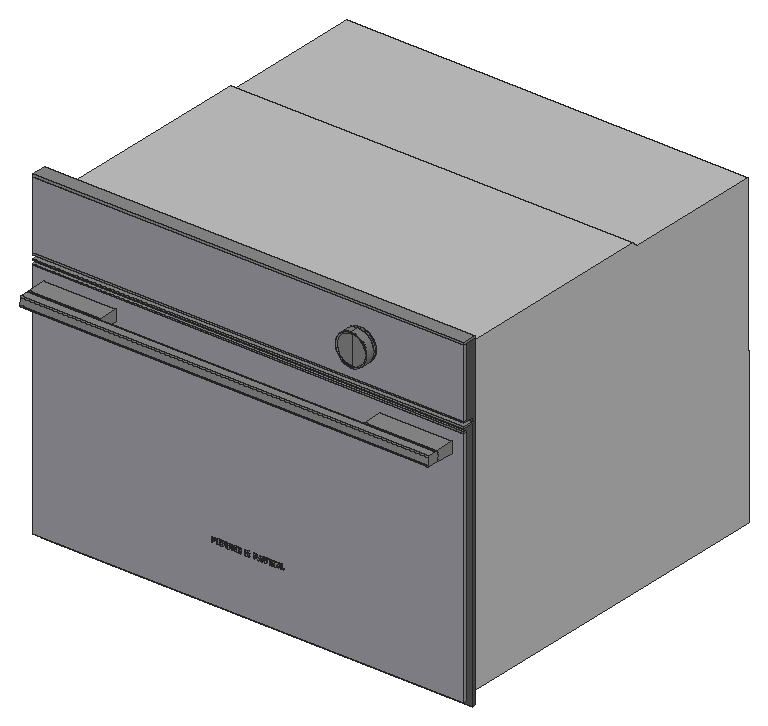
Revit family "FP-Revit19-en-OS60NMLG1-CombinationSteamOven-0-90003174A-AU-NZ-CN-IE-UK", category Specialty Equipment, Revit 2019
Family settings
  Round Connector Dimension = Use Diameter
  Part Type = Normal
  OmniClass Number = 23.40.40.14.17.11
  OmniClass Title = Cookers, Ovens, Stoves
  Work Plane-Based = No
  Always vertical = Yes
  Cut with Voids When Loaded = Yes
  Shared = No
  Room Calculation Point = No
Parameters (values of type "OS60NMLG1")
  Visibility - Clearance Required = yes
  URL = "www.fisherpaykel.com"
  Product - Height = 458 mm  # constant formula
  Product - Width = 596 mm  # constant formula
  Product - Depth (Exc. Handles) = 565 mm  # constant formula
  Opening - Height = 460 mm  # constant formula
  Model = "OS60NMLG1"
  Material - Trim = Fisher & Paykel - Aluminium, Dark
  Material - Structure = Fisher & Paykel - Black
  Material - Handle = Fisher & Paykel - Aluminium, Dark
  Material - Glass = Fisher & Paykel - Glass, Grey
  Material - Dial = Fisher & Paykel - Aluminium, Dark, Matt
  Material - Body = Fisher & Paykel - Grey
  Manufacturer = "Fisher & Paykel Appliances"
  FFL Offset [instance] = 900 mm
  Description = "Combination Steam Oven, 60cm, 18 Function"
  Connector Description - Electrical = "220-240V, 50Hz ,15A"
  Chassis - Width = 556 mm  # constant formula
  Chassis - Height = 435 mm  # constant formula
  Chassis - Depth = 545 mm  # constant formula
  Cavity - Width = 560 mm  # constant formula
  Cavity - Height = 440 mm  # constant formula
  Cavity - Depth = 550 mm  # constant formula
Reference planes
  plane 1 "Datum": y = 0
  plane 2: z = -2
  plane 3 "Center (Left/Right)": x = 0
  plane 4 "Product - LHS": x = -298
  plane 5 "Product - RHS": x = 298
  plane 6 "Cavity - RHS": x = 280
  plane 7 "FFL Offset": z = 898
  plane 8 "Chassis - Depth": y = 545
  plane 9 "Front Face": y = -20
  plane 10 "Chassis - Height": z = 1333
  plane 11 "Cavity - Height": z = 1338
  plane 12 "Opening - Height": z = 1358
  plane 13 "Cavity - LHS": x = -280
  plane 14 "Cavity - Depth": y = 550
  plane 15 "Product - Height": z = 1356
  plane 16 "Opening - RHS": x = 300
  plane 17 "Opening - LHS": x = -300
  plane 18 "Chassis - LHS": x = -278
  plane 19 "Chassis - RHS": x = 278
Forms (mm)
  Extrusion 1, solid, material "Fisher & Paykel - Grey" <- "Material - Body"
    sketch origin (0, 0, 0) x (0, 1, 0) y (0, 0, 1)
      loop
        line (0, 1333) -> (0, 898) -> (528, 898) -> (528, 948) -> (545, 968) -> (545, 1163) -> (498, 1218) -> (498, 1326) -> (305, 1326) -> (298, 1333) -> (0, 1333)
    from -278 to 278
  Extrusion 2, solid, material "Fisher & Paykel - Black" <- "Material - Structure", detail levels fine
    sketch origin (0, 0, 0) x (0, 1, 0) y (0, 0, 1)
      loop
        line (0, 1352.7) -> (-16, 1352.7) -> (-16, 1256) -> (-4, 1256) -> (-4, 898) -> (0, 898) -> (0, 1352.7)
    from -298 to 298
  Extrusion 3, solid, material "Fisher & Paykel - Glass, Grey" <- "Material - Glass", detail levels fine
    sketch origin (0, 0, -3) x (0, 1, 0) y (0, 0, 1)
      loop
        line (-20, 1246.4) -> (-20, 912.8) -> (-16, 912.8) -> (-16, 1246.4) -> (-20, 1246.4)
      loop
        line (-20, 1260.8) -> (-16, 1260.8) -> (-16, 1355.7) -> (-20, 1355.7) -> (-20, 1260.8)
    from -298 to 298
  Extrusion 4, solid, material "Fisher & Paykel - Clearance Required", visible <- "Visibility - Clearance Required", detail levels coarse
    sketch origin (0, 0, -2) x (1, 0, 0) y (0, 1, 0)
      loop
        line (-280, 0) -> (280, 0) -> (280, 550) -> (-280, 550) -> (-280, 0)
    from 900 to 1340
  Extrusion 5, void
    sketch origin (0, 0, 0) x (0, 1, 0) y (0, 0, 1)
      loop
        line (-20, 898) -> (0, 898) -> (0, 1358) -> (-20, 1358) -> (-20, 898)
    from -300 to 300
  Extrusion 6, solid, material "Fisher & Paykel - Grey" <- "Material - Body"
    sketch origin (0, 2, 0) x (0, 1, 0) y (0, 0, 1)
      loop
        line (496, 1293.999) -> (496, 1237) -> (517.999, 1237) -> (517.999, 1293.999) -> (496, 1293.999)
    from -221 to -127
  Extrusion 7, solid, material "Fisher & Paykel - Aluminium, Dark" <- "Material - Trim", detail levels fine
    sketch origin (0, 0, -1.199) x (0, 1, 0) y (0, 0, 1)
      loop
        line (-16, 1257.199) -> (-16, 1258.999) -> (-20, 1258.999) -> (-20, 1257.199) -> (-16, 1257.199)
      loop
        line (-16, 1244.599) -> (-16, 1246.199) -> (-20, 1246.199) -> (-20, 1244.599) -> (-16, 1244.599)
      loop
        line (-4, 1250.799) -> (-4, 1252.399) -> (-20, 1252.399) -> (-20, 1250.799) -> (-4, 1250.799)
      loop
        line (0, 1353.899) -> (0, 1357.199) -> (-20, 1357.199) -> (-20, 1353.899) -> (0, 1353.899)
    from -298 to 298
  Extrusion 8, void
    sketch origin (0, 0, -2) x (1, 0, 0) y (0, 1, 0)
      loop
        line (201.865, 545) -> (229, 498) -> (278, 498) -> (278, 545) -> (201.865, 545)
      loop
        line (-201.865, 545) -> (-278, 545) -> (-278, 498) -> (-229, 498) -> (-201.865, 545)
    from 900 to 1340
  Extrusion 9, solid, material "Fisher & Paykel - Grey" <- "Material - Body"
    sketch origin (0, 6.626, -14.403) x (0, 1, 0) y (0, 0, 1)
      loop
        circle (501.374, 1279.903) r 5
    from -271 to -221
  Extrusion 10, void
    sketch origin (0, 0, -2) x (1, 0, 0) y (0, 1, 0)
      loop
        line (-280, 0) -> (280, 0) -> (280, 550) -> (-280, 550) -> (-280, 0)
    from 900 to 1340
  Extrusion 11, solid, material "Fisher & Paykel - Glass, Grey" <- "Material - Glass", detail levels coarse+medium
    sketch origin (0, 0, 0) x (0, 1, 0) y (0, 0, 1)
      loop
        line (0, 1356) -> (-20, 1356) -> (-20, 1256) -> (-4, 1256) -> (-4, 1251.2) -> (-4, 1242.5) -> (-16, 1242.5) -> (-16, 1245) -> (-20, 1245) -> (-20, 909.8) -> (-4, 909.8) -> (-4, 898) -> (0, 898) -> (0, 1356)
    from -298 to 298
  Extrusion 12, solid, material "Fisher & Paykel - Black", detail levels fine
    sketch origin (0, 0, 0) x (0, 1, 0) y (0, 0, 1)
      loop
        line (-16, 1242.5) -> (-16, 909.8) -> (-4, 909.8) -> (-4, 1242.5) -> (-16, 1242.5)
    from -278 to 278
  Extrusion 13, solid, material "Fisher & Paykel - Clearance Required", visible <- "Visibility - Clearance Required", detail levels coarse
    sketch origin (0, 0, -15) x (0, 1, 0) y (0, 0, 1)
      loop
        line (-20, 927.07) -> (-20, 913) -> (0, 913) -> (0, 1373) -> (-20, 1373) -> (-20, 1260)
        arc (-20, 1260) -> (-242.697, 1184.786) -> (-349.951, 975.626) r 312.455
        line (-349.951, 975.626) -> (-323.58, 971.745) -> (-329.921, 928.657) -> (-313.601, 926.256) -> (-307.26, 969.344) -> (-20, 927.07)
    from -300 to 300
Cuts and joins
  Extrusion 8 cuts Extrusion 1
Text (mm)
  text "Due to ongoing product development, product details are subject to change without notice. \nPlease always refer to www.fisherpaykel.com for the most current product information. \n© Fisher & Paykel 2020" at (41.04, -613.295, 0), in view "Ref. Level (Plan)"
Dimensions and locks
  equal spacing: plane 4 "Product - LHS", plane 3 "Center (Left/Right)", plane 5 "Product - RHS"
  "Product - Width": plane 4 "Product - LHS" to plane 5 "Product - RHS"
  "FFL Offset": plane 7 "FFL Offset" to level
  locked: plane 9 "Front Face" to plane 1 "Datum" at 20
  "Cavity - Height": plane 11 "Cavity - Height" to plane 7 "FFL Offset"
  "Chassis - Height": plane 10 "Chassis - Height" to plane 7 "FFL Offset"
  "Cavity - Depth": plane 1 "Datum" to plane 14 "Cavity - Depth"
  "Cavity - Width": plane 13 "Cavity - LHS" to plane 6 "Cavity - RHS"
  Extrusion 5 to Extrusion 3 = 11.8 mm
  "Chassis - Depth": plane 1 "Datum" to plane 8 "Chassis - Depth"
  equal spacing: plane 13 "Cavity - LHS", plane 3 "Center (Left/Right)", plane 6 "Cavity - RHS"
  "Opening - Height": plane 7 "FFL Offset" to plane 12 "Opening - Height"
  "Product - Height": plane 7 "FFL Offset" to plane 15 "Product - Height"
  equal spacing: cut or joined group of Extrusion 1, Extrusion 8, plane 3 "Center (Left/Right)", cut or joined group of Extrusion 1, Extrusion 8
  "Chassis - Width": cut or joined group of Extrusion 1, Extrusion 8 to cut or joined group of Extrusion 1, Extrusion 8
  locked: nested 2 to plane 15 "Product - Height" at 366.018
  locked: plane 15 "Product - Height" to nested 3 at 135
  locked: nested 1 to plane 15 "Product - Height" at 52
  aligned and locked: level to plane 2
  aligned and locked: plane 4 "Product - LHS" to Extrusion 3
  aligned and locked: Extrusion 3 to plane 5 "Product - RHS"
  aligned and locked: plane 4 "Product - LHS" to Extrusion 2
  aligned and locked: Extrusion 2 to plane 5 "Product - RHS"
  aligned and locked: Extrusion 1 to plane 7 "FFL Offset"
  aligned and locked: Extrusion 7 to plane 5 "Product - RHS"
  aligned and locked: Extrusion 7 to Extrusion 3
  aligned and locked: Extrusion 5 to Extrusion 3
  aligned and locked: Extrusion 3 to Extrusion 7
  aligned and locked: Extrusion 7 to plane 1 "Datum"
  aligned and locked: plane 9 "Front Face" to Extrusion 5
  aligned and locked: Extrusion 4 to plane 6 "Cavity - RHS"
  aligned and locked: Extrusion 9 to Extrusion 6
  aligned and locked: plane 11 "Cavity - Height" to Extrusion 4
  aligned and locked: Extrusion 5 to plane 12 "Opening - Height"
  aligned and locked: Extrusion 5 to Extrusion 2
  aligned and locked: Extrusion 7 to plane 15 "Product - Height"
  aligned and locked: Extrusion 7 to Extrusion 2
  aligned and locked: Extrusion 8 to Extrusion 1
  aligned and locked: Extrusion 4 to Extrusion 2
  aligned and locked: Extrusion 4 to Extrusion 8
  aligned and locked: Extrusion 4 to plane 7 "FFL Offset"
  aligned and locked: Extrusion 1 to Extrusion 8
  aligned and locked: Extrusion 11 sketch curve to plane 15 "Product - Height"
  aligned and locked: plane 11 "Cavity - Height" to Extrusion 10
  aligned and locked: Extrusion 2 to Extrusion 10
  aligned and locked: plane 10 "Chassis - Height" to Extrusion 1
  aligned and locked: Extrusion 3 to Extrusion 12
  aligned and locked: Extrusion 2 to Extrusion 3
Automatic sketch dimensions
  Extrusion 1 sketch curve to plane 1 "Datum" = 0 mm
  Extrusion 1 sketch curve to plane 10 "Chassis - Height" = 0 mm
  Extrusion 1 sketch curve to plane 7 "FFL Offset" = 0 mm
  Extrusion 1 sketch curve to plane 8 "Chassis - Depth" = 0 mm
  Extrusion 1 sketch curve to Extrusion 1 sketch curve = 7 mm
  Extrusion 1 sketch curve to plane 10 "Chassis - Height" = 7 mm
  plane 7 "FFL Offset" to Extrusion 1 sketch curve = 50 mm
  Extrusion 1 sketch curve to Extrusion 1 sketch curve = 20 mm
  Extrusion 1 sketch curve to Extrusion 1 sketch curve = 163 mm
  Extrusion 1 sketch curve to Extrusion 1 sketch curve = 55 mm
  Extrusion 2 sketch curve to plane 7 "FFL Offset" = 0 mm
  Extrusion 2 sketch curve to plane 1 "Datum" = 0 mm
  plane 1 "Datum" to Extrusion 2 sketch curve = 4 mm
  Extrusion 2 sketch curve to plane 9 "Front Face" = 4 mm
  Extrusion 2 sketch curve to plane 10 "Chassis - Height" = 77 mm
  plane 15 "Product - Height" to Extrusion 2 sketch curve = 3.3 mm
  Extrusion 3 sketch curve to plane 9 "Front Face" = 0 mm  (x2)
  Extrusion 3 sketch curve to Extrusion 3 sketch curve = 4 mm  (x2)
  plane 7 "FFL Offset" to Extrusion 3 sketch curve = 11.8 mm
  Extrusion 3 sketch curve to plane 10 "Chassis - Height" = 89.6 mm
  Extrusion 3 sketch curve to Extrusion 3 sketch curve = 14.4 mm
  plane 15 "Product - Height" to Extrusion 3 sketch curve = 3.3 mm
  Extrusion 4 sketch curve to plane 13 "Cavity - LHS" = 0 mm
  Extrusion 4 sketch curve to plane 6 "Cavity - RHS" = 0 mm
  plane 1 "Datum" to Extrusion 4 sketch curve = 0 mm
  Extrusion 4 sketch curve to plane 14 "Cavity - Depth" = 0 mm
  Extrusion 5 sketch curve to plane 9 "Front Face" = 0 mm
  Extrusion 5 sketch curve to plane 1 "Datum" = 0 mm
  Extrusion 5 sketch curve to plane 7 "FFL Offset" = 0 mm
  plane 12 "Opening - Height" to Extrusion 5 sketch curve = 0 mm
  Extrusion 6 sketch curve to Extrusion 6 sketch curve = 21.999 mm
  Extrusion 6 sketch curve to plane 10 "Chassis - Height" = 96 mm
  Extrusion 6 sketch curve to plane 10 "Chassis - Height" = 39.001 mm
  Extrusion 7 sketch curve to plane 9 "Front Face" = 0 mm  (x4)
  Extrusion 7 sketch curve to plane 1 "Datum" = 0 mm
  plane 15 "Product - Height" to Extrusion 7 sketch curve = 0 mm
  Extrusion 7 sketch curve to Extrusion 7 sketch curve = 4 mm  (x2)
  plane 1 "Datum" to Extrusion 7 sketch curve = 4 mm
  plane 15 "Product - Height" to Extrusion 7 sketch curve = 3.3 mm
  Extrusion 7 sketch curve to plane 10 "Chassis - Height" = 75.2 mm
  Extrusion 7 sketch curve to Extrusion 7 sketch curve = 1.8 mm
  Extrusion 7 sketch curve to Extrusion 7 sketch curve = 4.8 mm
  Extrusion 7 sketch curve to Extrusion 7 sketch curve = 1.6 mm  (x2)
  Extrusion 7 sketch curve to Extrusion 7 sketch curve = 4.6 mm
  Extrusion 8 sketch curve to plane 8 "Chassis - Depth" = 0 mm  (x2)
  Extrusion 8 sketch curve to plane 18 "Chassis - LHS" = 0 mm
  Extrusion 8 sketch curve to plane 19 "Chassis - RHS" = 0 mm
  Extrusion 8 sketch curve to Extrusion 8 sketch curve = 49 mm  (x2)
  Extrusion 8 sketch curve to Extrusion 8 sketch curve = 27.135 mm
  Extrusion 8 sketch curve to Extrusion 8 sketch curve = 76.135 mm
  Extrusion 9 sketch curve to plane 10 "Chassis - Height" = 67.5 mm
  Extrusion 10 sketch curve to plane 13 "Cavity - LHS" = 0 mm
  Extrusion 10 sketch curve to plane 6 "Cavity - RHS" = 0 mm
  plane 1 "Datum" to Extrusion 10 sketch curve = 0 mm
  Extrusion 10 sketch curve to plane 14 "Cavity - Depth" = 0 mm
  Extrusion 13 sketch curve to plane 9 "Front Face" = 0 mm  (x2)
  Extrusion 13 sketch curve to plane 1 "Datum" = 0 mm
  Extrusion 13 sketch curve to plane 7 "FFL Offset" = 0 mm
  plane 12 "Opening - Height" to Extrusion 13 sketch curve = 0 mm
  plane 9 "Front Face" to Extrusion 13 sketch curve = 18.71 mm
  plane 7 "FFL Offset" to Extrusion 13 sketch curve = 56.344 mm
  Extrusion 13 sketch curve to Extrusion 13 sketch curve = 268.55 mm
  plane 7 "FFL Offset" to Extrusion 13 sketch curve = 13.256 mm
  Extrusion 13 sketch curve to Extrusion 13 sketch curve = 6.341 mm
  plane 7 "FFL Offset" to Extrusion 13 sketch curve = 58.745 mm
  Extrusion 13 sketch curve to Extrusion 13 sketch curve = 16.32 mm
  plane 7 "FFL Offset" to Extrusion 13 sketch curve = 62.626 mm
  Extrusion 13 sketch curve to Extrusion 13 sketch curve = 21.035 mm
  Extrusion 11 sketch curve to plane 9 "Front Face" = 0 mm  (x2)
  Extrusion 11 sketch curve to plane 7 "FFL Offset" = 0 mm
  Extrusion 11 sketch curve to plane 1 "Datum" = 0 mm
  Extrusion 11 sketch curve to Extrusion 11 sketch curve = 4 mm
  plane 1 "Datum" to Extrusion 11 sketch curve = 4 mm  (x2)
  plane 7 "FFL Offset" to Extrusion 11 sketch curve = 11.8 mm
  Extrusion 11 sketch curve to plane 10 "Chassis - Height" = 90.5 mm
  Extrusion 11 sketch curve to Extrusion 11 sketch curve = 2.5 mm
  Extrusion 11 sketch curve to Extrusion 11 sketch curve = 8.7 mm
  Extrusion 11 sketch curve to Extrusion 11 sketch curve = 11 mm
  Extrusion 12 sketch curve to plane 9 "Front Face" = 4 mm
  plane 1 "Datum" to Extrusion 12 sketch curve = 4 mm
  plane 7 "FFL Offset" to Extrusion 12 sketch curve = 11.8 mm
  Extrusion 12 sketch curve to plane 10 "Chassis - Height" = 90.5 mm
  Extrusion 1 sketch curve to plane 8 "Chassis - Depth" = 247 mm
  Extrusion 1 sketch curve to plane 8 "Chassis - Depth" = 47 mm
  Extrusion 1 sketch curve to plane 8 "Chassis - Depth" = 17 mm
  Extrusion 6 sketch curve to plane 8 "Chassis - Depth" = 47 mm
  Extrusion 8 sketch curve to plane 8 "Chassis - Depth" = 47 mm  (x2)
  Extrusion 9 sketch curve to plane 8 "Chassis - Depth" = 37 mm
  radius of Extrusion 9 sketch curve = 5 mm
Nested families
  nested 1: "F&P Dial Minimal Oven" at (155.3, -20, 1304), type "F&P Dial Minimal Oven"
  nested 2: "F&P Logo 100mm" at (0.044, -20, 987.177), type "Grey"
  nested 3: "F&P Handle Contemporary Square Fine OB60-24" at (0, -20, 1221.022), type "Aluminium Black"
Connectors
  electrical at (-271, 508, 1265.5), driven by "Connector Description - Electrical"
    settings: on Extrusion 9, index 1, voltage 230 V, apparent load 0 VA, apparent load phase1 0 VA, apparent load phase2 0 VA, apparent load phase3 0 VA, power factor 1, load classification "Other", number of poles 1, system type 30, power factor state 1, is connector primary yes, connector utility no, sub classification motor no, connector description "220-240V, 50Hz ,15A"
Definition of nested family "F&P Dial Minimal Oven"
  Parameters (values of type "F&P Dial Minimal Oven")
    URL = "www.fisherpaykel.com"
    Material - Buttons and Dials = none
    Manufacturer = "Fisher & Paykel Appliances"
  Reference planes
    plane 1 "Center (Front/Back)": y = 0
    plane 2: z = 0
    plane 3 "Center (Left/Right)": x = 0
    plane 4: x = 0
    plane 5 "Dial": z = 0
  Forms (mm)
    Revolve 1, solid, material <- "Material - Buttons and Dials", detail levels fine
      sketch origin (0, 0, 0) x (0, 1, 0) y (0, 0, 1)
        loop
          line (-15.2, 0) -> (0, 0) -> (0, 22) -> (-0.8, 22) -> (-0.8, 18.5) -> (-4.2, 18.5) -> (-4.2, 20.136) -> (-4.7, 22) -> (-15.8, 22) -> (-15.8, 21.2) -> (-15.301, 20) -> (-15.301, 0)
        axis (-15.8, 0) -> (0, 0)
      angle from 0 to 360
    Revolve 2, solid, material <- "Material - Buttons and Dials", detail levels coarse+medium
      sketch origin (0, 0, 0) x (0, 1, 0) y (0, 0, 1)
        loop
          line (0, 18.5) -> (-4.2, 18.5) -> (-4.2, 22) -> (-15.8, 22) -> (-15.8, 0) -> (0, 0) -> (0, 18.5)
        axis (-15.8, 0) -> (0, 0)
      angle from 0 to 360
  Dimensions and locks
    aligned and locked: level to plane 2
Definition of nested family "F&P Logo 100mm"
  Parameters (values of type "Grey")
    URL = "www.fisherpaykel.com"
    Material - Logo = none
    Manufacturer = "Fisher & Paykel Appliances"
  Reference planes
    plane 1 "Center (Front/Back)": y = 0
    plane 2: z = 0
    plane 3 "Center (Left/Right)": x = 0
    plane 4 "Logo": z = 2.805
  Forms (mm)
    Extrusion 1, solid, material <- "Material - Logo", detail levels fine
      sketch origin (0, 0, 0) x (1, 0, 0) y (0, 0, 1)
        loop
          line (-50.044, 0) -> (-48.47, 0) -> (-48.47, 2.138) -> (-46.011, 2.138) -> (-46.011, 3.472) -> (-48.47, 3.472) -> (-48.47, 4.712) -> (-45.795, 4.712) -> (-45.795, 6.04) -> (-50.044, 6.04) -> (-50.044, 0)
        loop
          line (-42.804, 6.04) -> (-42.804, 0) -> (-41.23, 0) -> (-41.23, 6.04) -> (-42.804, 6.04)
        loop
          line (-30.724, 6.04) -> (-30.724, 0) -> (-29.151, 0) -> (-29.151, 2.42) -> (-26.839, 2.42) -> (-26.839, 0) -> (-25.265, 0) -> (-25.265, 6.04) -> (-26.839, 6.04) -> (-26.839, 3.748) -> (-29.151, 3.748) -> (-29.151, 6.04) -> (-30.724, 6.04)
        loop
          line (-21.906, 6.04) -> (-21.906, 0) -> (-17.602, 0) -> (-17.602, 1.328) -> (-20.347, 1.328) -> (-20.347, 2.42) -> (-17.838, 2.42) -> (-17.838, 3.748) -> (-20.347, 3.748) -> (-20.347, 4.712) -> (-17.602, 4.712) -> (-17.602, 6.04) -> (-21.906, 6.04)
        loop
          line (45.667, 6.04) -> (45.667, 0) -> (49.956, 0) -> (49.956, 1.328) -> (47.241, 1.328) -> (47.241, 6.04) -> (45.667, 6.04)
        loop
          line (42.431, 6.04) -> (38.112, 6.04) -> (38.112, 0) -> (42.431, 0) -> (42.431, 1.328) -> (39.687, 1.328) -> (39.687, 2.42) -> (42.195, 2.42) -> (42.195, 3.748) -> (39.687, 3.748) -> (39.687, 4.712) -> (42.431, 4.712) -> (42.431, 6.04)
        loop
          line (33.443, 3.137) -> (35.683, 6.04) -> (33.844, 6.04) -> (31.915, 3.542) -> (31.915, 6.04) -> (30.342, 6.04) -> (30.342, 0) -> (31.915, 0) -> (31.915, 2.705) -> (33.903, 0) -> (35.747, 0) -> (33.443, 3.137)
        loop
          line (21.98, 6.04) -> (24.262, 2.42) -> (24.262, 0) -> (25.837, 0) -> (25.837, 2.341) -> (28.119, 6.04) -> (26.446, 6.04) -> (25.099, 3.707) -> (23.753, 6.04) -> (21.98, 6.04)
        loop
          line (18.479, 6.04) -> (16.983, 6.04) -> (14.524, 0) -> (16.069, 0) -> (16.501, 1.112) -> (18.786, 1.112) -> (19.219, 0) -> (20.938, 0) -> (18.479, 6.04)
        loop
          line (18.4, 2.439) -> (17.693, 4.174) -> (17.018, 2.439) -> (18.4, 2.439)
        loop
          line (8.031, 6.04) -> (8.031, 0) -> (9.605, 0) -> (9.605, 1.938) -> (10.599, 1.938)
          arc (10.599, 1.938) -> (12.65, 3.989) -> (10.599, 6.04) r 2.051
          line (10.599, 6.04) -> (8.031, 6.04)
        loop
          line (9.605, 4.712) -> (9.605, 3.197) -> (10.501, 3.197)
          arc (10.501, 3.197) -> (11.259, 3.954) -> (10.501, 4.712) r 0.757
          line (10.501, 4.712) -> (9.605, 4.712)
        loop
          line (-11.783, 6.04) -> (-14.366, 6.04) -> (-14.366, 0) -> (-12.792, 0) -> (-12.792, 1.336) -> (-11.992, 1.336) -> (-10.972, 0) -> (-9.153, 0) -> (-10.694, 1.973)
          arc (-10.694, 1.973) -> (-9.678, 4.424) -> (-11.783, 6.04) r 2.179
        loop
          line (-11.897, 4.712) -> (-12.792, 4.712) -> (-12.792, 3.053) -> (-11.897, 3.053)
          arc (-11.897, 3.053) -> (-11.068, 3.882) -> (-11.897, 4.712) r 0.83
        loop
          line (0.477, 4.712) -> (0.477, 6.153) -> (-3.575, 6.153) -> (-3.575, 4.851) -> (-2.974, 4.112)
          arc (-2.974, 4.112) -> (-3.51, 0.684) -> (-0.045, 0.512) r 2.334
          line (-0.045, 0.512) -> (0.46, -0.109) -> (2.246, -0.109) -> (0.86, 1.594) -> (2.061, 3.324) -> (0.443, 3.324) -> (-0.013, 2.667) -> (-1.677, 4.712) -> (0.477, 4.712)
        loop
          arc (-2.125, 3.068) -> (-2.269, 1.668) -> (-0.868, 1.524) r 0.996
          line (-0.868, 1.524) -> (-2.125, 3.068)
        loop
          line (-35.18, 3.634) -> (-36.516, 3.91)
          arc (-36.516, 3.91) -> (-37.049, 4.443) -> (-36.516, 4.976) r 0.533
          arc (-36.516, 4.976) -> (-35.235, 4.79) -> (-34.059, 4.248) r 4.505
          line (-34.059, 4.248) -> (-34.059, 5.743)
          arc (-34.059, 5.743) -> (-35.549, 6.179) -> (-37.1, 6.109) r 4.726
          arc (-37.1, 6.109) -> (-38.536, 4.335) -> (-37.1, 2.561) r 1.814
          line (-37.1, 2.561) -> (-35.754, 2.282)
          arc (-35.754, 2.282) -> (-35.221, 1.749) -> (-35.754, 1.216) r 0.533
          arc (-35.754, 1.216) -> (-37.035, 1.402) -> (-38.211, 1.945) r 4.505
          line (-38.211, 1.945) -> (-38.211, 0.449)
          arc (-38.211, 0.449) -> (-36.72, 0.013) -> (-35.169, 0.083) r 4.726
          arc (-35.169, 0.083) -> (-33.734, 1.863) -> (-35.18, 3.634) r 1.814
      from 0 to 0.8
  Dimensions and locks
    aligned and locked: level to plane 2
Definition of nested family "F&P Handle Contemporary Square Fine OB60-24"
  Parameters (values of type "Aluminium Black")
    URL = "www.fisherpaykel.com"
    Material - Handle = none
    Manufacturer = "Fisher & Paykel Appliances"
    Handle - Length = 565 mm
  Reference planes
    plane 1 "Center (Front/Back)": y = 0
    plane 2: z = 0
    plane 3 "Center (Left/Right)": x = 0
    plane 4 "Product LHS": x = -282.5
    plane 5 "Product RHS": x = 282.5
    plane 6 "LHS Standoff": x = -182.495
    plane 7 "RHS Standoff": x = 182.505
    plane 8 "Handle centre": z = -0.022
    plane 9: z = -0.022
  Forms (mm)
    Extrusion 1, solid, material <- "Material - Handle", detail levels fine
      sketch origin (0, 0, 0) x (0, 1, 0) y (0, 0, 1)
        loop
          arc (-26.813, 6.16) -> (-27.196, 6.554) -> (-27.728, 6.686) r 1
          line (-27.728, 6.686) -> (-40.035, 6.256)
          arc (-40.035, 6.256) -> (-40.719, 5.951) -> (-41, 5.257) r 1
          line (-41, 5.257) -> (-41, -5.257)
          arc (-41, -5.257) -> (-40.719, -5.951) -> (-40.035, -6.256) r 1
          line (-40.035, -6.256) -> (-27.709, -6.686)
          arc (-27.709, -6.686) -> (-27.175, -6.554) -> (-26.792, -6.158) r 1
          arc (-26.792, -6.158) -> (-25.256, 0.004) -> (-26.813, 6.16) r 13.038
      from -282.5 to 282.5
    Extrusion 2, solid, material <- "Material - Handle", detail levels fine
      sketch origin (0, 0, 0) x (0, 1, 0) y (0, 0, 1)
        loop
          arc (-26.626, -6.008) -> (-26.614, -6.49) -> (-26.2, -6.737) r 0.5
          line (-26.2, -6.737) -> (0, -7.696) -> (0, 7.704) -> (-26.174, 6.747)
          arc (-26.174, 6.747) -> (-26.587, 6.5) -> (-26.6, 6.019) r 0.5
          arc (-26.6, 6.019) -> (-25.156, 0.002) -> (-26.626, -6.008) r 13.136
      from 182.505 to 282.5
    Extrusion 3, solid, material <- "Material - Handle", detail levels coarse+medium
      sketch origin (0, 0, 0) x (1, 0, 0) y (0, 1, 0)
        loop
          line (-282.5, -42) -> (282.5, -42) -> (282.5, 0) -> (182.505, 0) -> (182.505, -26.156) -> (-182.495, -26.156) -> (-182.495, 0) -> (-282.5, 0) -> (-282.5, -42)
      from -8.022 to 7.978
    Extrusion 4, solid, material <- "Material - Handle", detail levels fine
      sketch origin (0, 0, 0) x (0, 1, 0) y (0, 0, 1)
        loop
          arc (-26.626, -6.008) -> (-26.614, -6.49) -> (-26.2, -6.737) r 0.5
          line (-26.2, -6.737) -> (0, -7.696) -> (0, 7.704) -> (-26.174, 6.747)
          arc (-26.174, 6.747) -> (-26.587, 6.5) -> (-26.6, 6.019) r 0.5
          arc (-26.6, 6.019) -> (-25.156, 0.002) -> (-26.626, -6.008) r 13.136
      from -282.5 to -182.495
  Dimensions and locks
    equal spacing: plane 4 "Product LHS", plane 3 "Center (Left/Right)", plane 5 "Product RHS"
    "Handle - Length": plane 4 "Product LHS" to plane 5 "Product RHS"
    locked: plane 4 "Product LHS" to plane 6 "LHS Standoff" at 100.005
    locked: plane 7 "RHS Standoff" to plane 5 "Product RHS" at 99.995
    aligned and locked: level to plane 2
    aligned and locked: Extrusion 1 to plane 5 "Product RHS"
    aligned and locked: plane 4 "Product LHS" to Extrusion 1
    aligned and locked: Extrusion 2 to plane 5 "Product RHS"
    aligned and locked: plane 4 "Product LHS" to Extrusion 3 sketch curve
    aligned and locked: Extrusion 3 sketch curve to plane 5 "Product RHS"
    aligned and locked: Extrusion 3 sketch curve to plane 7 "RHS Standoff"
    aligned and locked: plane 6 "LHS Standoff" to Extrusion 3 sketch curve
    aligned and locked: plane 4 "Product LHS" to Extrusion 4
    aligned and locked: plane 6 "LHS Standoff" to Extrusion 4
    aligned and locked: Extrusion 2 to plane 7 "RHS Standoff"
  Automatic sketch dimensions
    Extrusion 1 sketch curve to level = 5.257 mm
    plane 1 "Center (Front/Back)" to Extrusion 1 sketch curve = 41 mm
    level to Extrusion 1 sketch curve = 6.256 mm
    Extrusion 1 sketch curve to Extrusion 1 sketch curve = 0.965 mm  (x2)
    Extrusion 1 sketch curve to level = 6.256 mm
    Extrusion 1 sketch curve to Extrusion 1 sketch curve = 0.035 mm  (x3)
    Extrusion 1 sketch curve to level = 0.018 mm
    Extrusion 1 sketch curve to Extrusion 1 sketch curve = 1.706 mm
    level to Extrusion 1 sketch curve = 6.686 mm
    Extrusion 1 sketch curve to Extrusion 1 sketch curve = 12.307 mm
    Extrusion 1 sketch curve to level = 6.686 mm
    Extrusion 1 sketch curve to Extrusion 1 sketch curve = 12.326 mm
    Extrusion 1 sketch curve to Extrusion 1 sketch curve = 0.999 mm  (x2)
    Extrusion 1 sketch curve to Extrusion 1 sketch curve = 0 mm
    Extrusion 2 sketch curve to plane 1 "Center (Front/Back)" = 0 mm
    level to Extrusion 2 sketch curve = 6.247 mm
    plane 1 "Center (Front/Back)" to Extrusion 2 sketch curve = 26.155 mm
    level to Extrusion 2 sketch curve = 6.747 mm
    Extrusion 2 sketch curve to Extrusion 2 sketch curve = 0.018 mm  (x2)
    Extrusion 2 sketch curve to level = 6.238 mm
    Extrusion 2 sketch curve to Extrusion 2 sketch curve = 0.026 mm
    Extrusion 2 sketch curve to level = 6.737 mm
    level to Extrusion 2 sketch curve = 0.03 mm
    Extrusion 2 sketch curve to Extrusion 2 sketch curve = 12.11 mm
    Extrusion 2 sketch curve to level = 7.696 mm
    level to Extrusion 2 sketch curve = 7.704 mm
    Extrusion 2 sketch curve to Extrusion 2 sketch curve = 0 mm
    plane 1 "Center (Front/Back)" to Extrusion 3 sketch curve = 42 mm
    Extrusion 3 sketch curve to Extrusion 3 sketch curve = 15.844 mm
    Extrusion 3 sketch curve to Extrusion 3 sketch curve = 26.156 mm  (x2)
    level to Extrusion 4 sketch curve = 0.03 mm
    plane 1 "Center (Front/Back)" to Extrusion 4 sketch curve = 38.291 mm
    Extrusion 4 sketch curve to level = 6.737 mm
    Extrusion 4 sketch curve to Extrusion 4 sketch curve = 12.091 mm
    Extrusion 4 sketch curve to Extrusion 4 sketch curve = 0.018 mm  (x2)
    level to Extrusion 4 sketch curve = 6.747 mm
    Extrusion 4 sketch curve to Extrusion 4 sketch curve = 0.008 mm
    level to Extrusion 4 sketch curve = 7.704 mm
    Extrusion 4 sketch curve to Extrusion 4 sketch curve = 26.174 mm
    Extrusion 4 sketch curve to level = 7.696 mm
    Extrusion 4 sketch curve to Extrusion 4 sketch curve = 0.5 mm  (x2)
    Extrusion 4 sketch curve to Extrusion 4 sketch curve = 0 mm
